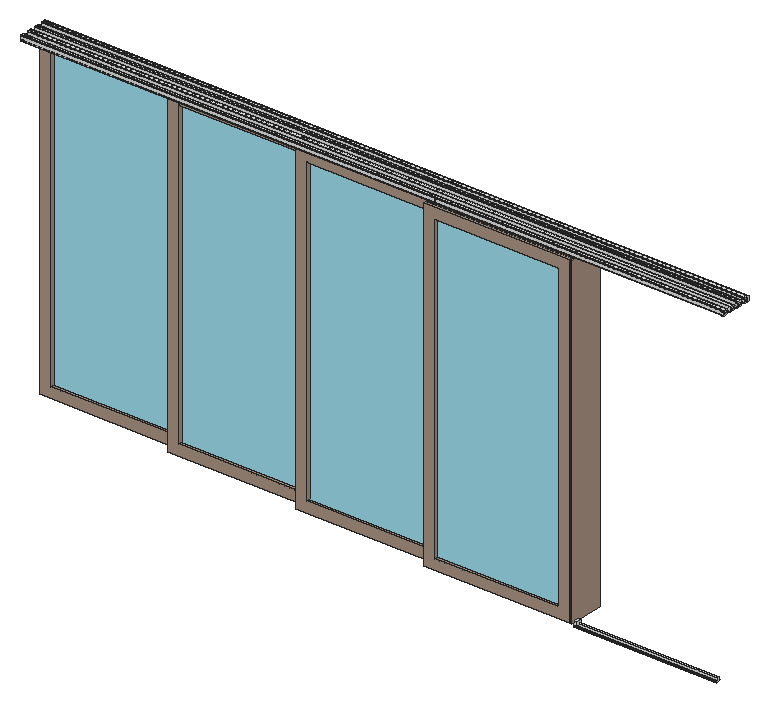
Revit family "Slido 4 Panel Pocket SPW4 XRDLP", category Doors, host Wall, Revit 2016
Family settings
  Host = Wall
  Always vertical = Yes
  Cut with Voids When Loaded = No
  Shared = No
  Room Calculation Point = No
Parameters (values of type "155"x 94 3/8"")
  URL = "www.raydoor.com"
  Type Image = SPW4.jpg
  Thickness = 2 1/4"  # constant formula
  Rough Width = 1"  # constant formula
  Rough Height = Width / 3.7805 + 2"  # 43.00008"
  Model = "SPW4"
  Function = Interior
  Door Material = Door - Panel
  Panel Material = Glass, Cast, Gray
  Height = 94 3/8"
  Trim Projection Ext = 63/64"  # constant formula
  Typ = 3"  # constant formula
  Wall Closure = By host
  Width = 155"
  Assembly Code = "SPW4 XRDLP"
Reference planes (in)
  plane 1: y = 0.00227
  plane 2: z = 0
  plane 3: x = 0
  plane 4: x = -77.5
  plane 5: x = 77.5
  plane 6: z = 94.375
  plane 7: x = 74.5
  plane 8: x = 76
  plane 9: x = -1.5
  plane 10: x = 0
  plane 11: x = 1.5
  plane 12: x = -76
  plane 13: x = -74.5
  plane 14: y = 0.125
  plane 15: y = -2.375
  plane 16: y = 2.375
  plane 17: y = -0.125
  plane 18: x = 120.50009
  plane 19: x = 118.50009
  plane 20: z = 92.375
  plane 21: x = -39.5
  plane 22: x = -38
  plane 23: x = -36.5
  plane 24: x = 36.5
  plane 25: x = 38
  plane 26: x = 39.5
  plane 27: y = 2.625
  plane 28: y = 4.875
  plane 29: y = -4.875
  plane 30: y = -2.625
Forms (in)
  Extrusion 1, solid, material "Door - Panel" <- "Door Material"
    sketch origin (-58, 2.62273, 0.25) x (1, 0, 0) y (0, 0, 1)
      loop
        line (56.5, 92.125) -> (56.5, 0.5) -> (97.5, 0.5) -> (97.5, 92.125) -> (56.5, 92.125)
      loop
        line (59.5, 89.125) -> (59.5, 3.5) -> (94.5, 3.5) -> (94.5, 89.125) -> (59.5, 89.125)
    from 2.74773 to 4.99609
  Extrusion 2, solid, material "Glass, Cast, Gray" <- "Panel Material"
    sketch origin (-57.74997, -27.47932, 0.25) x (1, 0, 0) y (0, 0, 1)
      loop
        line (56.24997, 92.125) -> (56.24997, 1.375) -> (97.24997, 1.375) -> (97.24997, 92.125) -> (56.24997, 92.125)
    from -26.35104 to -26.10268
  Extrusion 3, void
    sketch origin (-58, -9.64385, -90.75) x (1, 0, 0) y (0, 0, 1)
      loop
        line (56.5, 92.375) -> (56.5, 91.5) -> (97.5, 91.5) -> (97.5, 92.375) -> (56.5, 92.375)
    from -8.51557 to -8.26721
  Extrusion 4, solid, material "Door - Panel" <- "Door Material"
    sketch origin (-99, 0.3721, 0.25) x (1, 0, 0) y (0, 0, 1)
      loop
        line (59.5, 92.125) -> (59.5, 0.5) -> (100.5, 0.5) -> (100.5, 92.125) -> (59.5, 92.125)
      loop
        line (62.5, 89.125) -> (62.5, 3.5) -> (97.5, 3.5) -> (97.5, 89.125) -> (62.5, 89.125)
    from -2.00126 to 0.2471
  Extrusion 5, solid, material "Glass, Cast, Gray" <- "Panel Material"
    sketch origin (-98.99995, -4.09164, 0.25) x (1, 0, 0) y (0, 0, 1)
      loop
        line (59.49995, 92.125) -> (59.49995, 1.375) -> (100.5, 1.375) -> (100.5, 92.125) -> (59.49995, 92.125)
    from -5.465 to -5.21664
  Extrusion 6, void
    sketch origin (-99, -11.89221, -90.75) x (1, 0, 0) y (0, 0, 1)
      loop
        line (59.5, 92.375) -> (59.5, 91.5) -> (100.5, 91.5) -> (100.5, 92.375) -> (59.5, 92.375)
    from -13.26557 to -13.01721
  Extrusion 7, solid, material "UHMW, White", detail levels medium+fine
    sketch origin (88.27771, -1.73342, 0.25) x (0, 1, 0) y (0, 0, 1)
      loop
        line (-0.04289, 93.90625) -> (-0.04289, 93.02209) -> (1.00562, 93.02209) -> (1.00562, 93.90625) -> (-0.04289, 93.90625)
    from -89.52771 to -87.02771
  Extrusion 8, solid, material "UHMW, White"
    sketch origin (0, 42.66856, -9.0893) x (0, 1, 0) y (0, 0, 1)
      loop
        line (-41.24093, 103.37055) -> (-41.24093, 103.28596) -> (-41.18165, 103.28596) -> (-41.18165, 103.37055) -> (-41.00777, 103.37055) -> (-41.00777, 103.24091) -> (-40.87341, 103.22916) -> (-40.87341, 102.36784) -> (-40.90503, 102.24985) -> (-41.12237, 102.23084) -> (-41.12237, 102.15084) -> (-40.92446, 102.15084)
        arc (-40.92446, 102.15084) -> (-40.88257, 102.17182) -> (-40.84068, 102.15084) r 0.0523
        arc (-40.84068, 102.15084) -> (-40.81353, 102.16209) -> (-40.80228, 102.18925) r 0.0384
        line (-40.80228, 102.18925) -> (-40.80228, 103.34523) -> (-40.8418, 103.34523)
        arc (-40.8418, 103.34523) -> (-40.907, 103.30759) -> (-40.907, 103.38288) r 0.04347
        line (-40.907, 103.38288) -> (-40.907, 103.4643) -> (-41.93051, 103.4643) -> (-41.93051, 103.38288)
        arc (-41.93051, 103.38288) -> (-41.93051, 103.30759) -> (-41.99571, 103.34523) r 0.04347
        line (-41.99571, 103.34523) -> (-42.03523, 103.34523) -> (-42.03523, 102.18925)
        arc (-42.03523, 102.18925) -> (-42.02398, 102.16209) -> (-41.99683, 102.15084) r 0.0384
        arc (-41.99683, 102.15084) -> (-41.95494, 102.17182) -> (-41.91305, 102.15084) r 0.0523
        line (-41.91305, 102.15084) -> (-41.71514, 102.15084) -> (-41.71514, 102.23084) -> (-41.93248, 102.24985) -> (-41.9641, 102.36784) -> (-41.9641, 103.22916) -> (-41.82974, 103.24091) -> (-41.82974, 103.37055) -> (-41.65586, 103.37055) -> (-41.65586, 103.28596) -> (-41.59658, 103.28596) -> (-41.59658, 103.37055) -> (-41.24093, 103.37055)
    from -77.5 to 120.50009
  Extrusion 9, solid, material "UHMW, White"
    sketch origin (-41.44048, 1.76156, 94.375) x (0, -1, 0) y (1, 0, 0)
      loop
        circle (3.01112, 41.44048) r 0.125
    from -2 to -0.09375
  Extrusion 10, solid, material "UHMW, White"
    sketch origin (0, 40.4202, -9.0893) x (0, 1, 0) y (0, 0, 1)
      loop
        line (-41.49257, 103.37055) -> (-41.49257, 103.28596) -> (-41.43329, 103.28596) -> (-41.43329, 103.37055) -> (-41.25941, 103.37055) -> (-41.25941, 103.24091) -> (-41.12505, 103.22916) -> (-41.12505, 102.36784) -> (-41.15667, 102.24985) -> (-41.37401, 102.23084) -> (-41.37401, 102.15084) -> (-41.1761, 102.15084)
        arc (-41.1761, 102.15084) -> (-41.13421, 102.17182) -> (-41.09232, 102.15084) r 0.0523
        arc (-41.09232, 102.15084) -> (-41.06517, 102.16209) -> (-41.05392, 102.18925) r 0.0384
        line (-41.05392, 102.18925) -> (-41.05392, 103.34523) -> (-41.09344, 103.34523)
        arc (-41.09344, 103.34523) -> (-41.15864, 103.30759) -> (-41.15864, 103.38288) r 0.04347
        line (-41.15864, 103.38288) -> (-41.15864, 103.4643) -> (-42.18215, 103.4643) -> (-42.18215, 103.38288)
        arc (-42.18215, 103.38288) -> (-42.18215, 103.30759) -> (-42.24735, 103.34523) r 0.04347
        line (-42.24735, 103.34523) -> (-42.28687, 103.34523) -> (-42.28687, 102.18925)
        arc (-42.28687, 102.18925) -> (-42.27562, 102.16209) -> (-42.24846, 102.15084) r 0.0384
        arc (-42.24846, 102.15084) -> (-42.20658, 102.17182) -> (-42.16469, 102.15084) r 0.0523
        line (-42.16469, 102.15084) -> (-41.96678, 102.15084) -> (-41.96678, 102.23084) -> (-42.18412, 102.24985) -> (-42.21574, 102.36784) -> (-42.21574, 103.22916) -> (-42.08138, 103.24091) -> (-42.08138, 103.37055) -> (-41.9075, 103.37055) -> (-41.9075, 103.28596) -> (-41.84822, 103.28596) -> (-41.84822, 103.37055) -> (-41.49257, 103.37055)
    from -77.5 to 120.50009
  Extrusion 11, solid, material "UHMW, White"
    sketch origin (-92.86615, -11.0603, 94.375) x (0, -1, 0) y (1, 0, 0)
      loop
        circle (-12.31112, 54.86615) r 0.125
    from -2 to 0
  Extrusion 12, void
    sketch origin (-99, -7.33383, 0.25) x (1, 0, 0) y (0, 0, 1)
      loop
        line (176.5, -0.25) -> (219.50009, -0.25) -> (219.50009, 94.125) -> (176.5, 94.125) -> (176.5, -0.25)
    from -12.58609 to -2.08609
  Extrusion 13, void
    sketch origin (-195.25, -5.58383, 0.25) x (1, 0, 0) y (0, 0, 1)
      loop
        line (117.75, -0.25) -> (272.75, -0.25) -> (272.75, 94.125) -> (117.75, 94.125) -> (117.75, -0.25)
    from -13.83609 to 2.66391
  Extrusion 14, solid, material "Door - Panel" <- "Door Material"
    sketch origin (-99, 2.8721, 0.25) x (1, 0, 0) y (0, 0, 1)
      loop
        line (21.5, 92.125) -> (21.5, 0.5) -> (62.5, 0.5) -> (62.5, 92.125) -> (21.5, 92.125)
      loop
        line (24.5, 89.125) -> (24.5, 3.5) -> (59.5, 3.5) -> (59.5, 89.125) -> (24.5, 89.125)
    from -2.00126 to 0.2471
  Extrusion 15, solid, material "Glass, Cast, Gray" <- "Panel Material"
    sketch origin (-98.99995, -1.59164, 0.25) x (1, 0, 0) y (0, 0, 1)
      loop
        line (21.49995, 92.125) -> (21.49995, 1.375) -> (62.49995, 1.375) -> (62.49995, 92.125) -> (21.49995, 92.125)
    from -5.465 to -5.21664
  Extrusion 16, void
    sketch origin (-99, -9.39221, -90.75) x (1, 0, 0) y (0, 0, 1)
      loop
        line (21.5, 92.375) -> (21.5, 91.5) -> (62.5, 91.5) -> (62.5, 92.375) -> (21.5, 92.375)
    from -13.26557 to -13.01721
  Extrusion 17, solid, material "UHMW, White"
    sketch origin (0, 45.16856, -9.0893) x (0, 1, 0) y (0, 0, 1)
      loop
        line (-41.24093, 103.37055) -> (-41.24093, 103.28596) -> (-41.18165, 103.28596) -> (-41.18165, 103.37055) -> (-41.00777, 103.37055) -> (-41.00777, 103.24091) -> (-40.87341, 103.22916) -> (-40.87341, 102.36784) -> (-40.90503, 102.24985) -> (-41.12237, 102.23084) -> (-41.12237, 102.15084) -> (-40.92446, 102.15084)
        arc (-40.92446, 102.15084) -> (-40.88257, 102.17182) -> (-40.84068, 102.15084) r 0.0523
        arc (-40.84068, 102.15084) -> (-40.81353, 102.16209) -> (-40.80228, 102.18925) r 0.0384
        line (-40.80228, 102.18925) -> (-40.80228, 103.34523) -> (-40.8418, 103.34523)
        arc (-40.8418, 103.34523) -> (-40.907, 103.30759) -> (-40.907, 103.38288) r 0.04347
        line (-40.907, 103.38288) -> (-40.907, 103.4643) -> (-41.93051, 103.4643) -> (-41.93051, 103.38288)
        arc (-41.93051, 103.38288) -> (-41.93051, 103.30759) -> (-41.99571, 103.34523) r 0.04347
        line (-41.99571, 103.34523) -> (-42.03523, 103.34523) -> (-42.03523, 102.18925)
        arc (-42.03523, 102.18925) -> (-42.02398, 102.16209) -> (-41.99683, 102.15084) r 0.0384
        arc (-41.99683, 102.15084) -> (-41.95494, 102.17182) -> (-41.91305, 102.15084) r 0.0523
        line (-41.91305, 102.15084) -> (-41.71514, 102.15084) -> (-41.71514, 102.23084) -> (-41.93248, 102.24985) -> (-41.9641, 102.36784) -> (-41.9641, 103.22916) -> (-41.82974, 103.24091) -> (-41.82974, 103.37055) -> (-41.65586, 103.37055) -> (-41.65586, 103.28596) -> (-41.59658, 103.28596) -> (-41.59658, 103.37055) -> (-41.24093, 103.37055)
    from -77.5 to 120.50009
  Extrusion 18, solid, material "UHMW, White"
    sketch origin (-92.86615, -8.5603, 94.375) x (0, -1, 0) y (1, 0, 0)
      loop
        circle (-12.31112, 16.86615) r 0.125
    from -2 to 0
  Extrusion 19, solid, material "Door - Panel" <- "Door Material"
    sketch origin (-58, 0.12273, 0.25) x (1, 0, 0) y (0, 0, 1)
      loop
        line (94.5, 92.125) -> (94.5, 0.5) -> (135.5, 0.5) -> (135.5, 92.125) -> (94.5, 92.125)
      loop
        line (97.5, 89.125) -> (97.5, 3.5) -> (132.5, 3.5) -> (132.5, 89.125) -> (97.5, 89.125)
    from 2.74773 to 4.99609
  Extrusion 20, solid, material "Glass, Cast, Gray" <- "Panel Material"
    sketch origin (-57.74997, -29.97932, 0.25) x (1, 0, 0) y (0, 0, 1)
      loop
        line (94.24997, 92.125) -> (94.24997, 1.375) -> (135.24998, 1.375) -> (135.24998, 92.125) -> (94.24997, 92.125)
    from -26.35104 to -26.10268
  Extrusion 21, void
    sketch origin (-58, -12.14385, -90.75) x (1, 0, 0) y (0, 0, 1)
      loop
        line (94.5, 92.375) -> (94.5, 91.5) -> (135.5, 91.5) -> (135.5, 92.375) -> (94.5, 92.375)
    from -8.51557 to -8.26721
  Extrusion 22, solid, material "UHMW, White", detail levels medium+fine
    sketch origin (126.27771, -4.23342, 0.25) x (0, 1, 0) y (0, 0, 1)
      loop
        line (-0.04289, 93.90625) -> (-0.04289, 93.02209) -> (1.00562, 93.02209) -> (1.00562, 93.90625) -> (-0.04289, 93.90625)
    from -89.52771 to -87.02771
  Extrusion 23, solid, material "UHMW, White"
    sketch origin (-41.44048, -0.73844, 94.375) x (0, -1, 0) y (1, 0, 0)
      loop
        circle (3.01112, 79.44048) r 0.125
    from -2 to -0.09375
  Extrusion 24, solid, material "UHMW, White"
    sketch origin (0, 37.9202, -9.0893) x (0, 1, 0) y (0, 0, 1)
      loop
        line (-41.49257, 103.37055) -> (-41.49257, 103.28596) -> (-41.43329, 103.28596) -> (-41.43329, 103.37055) -> (-41.25941, 103.37055) -> (-41.25941, 103.24091) -> (-41.12505, 103.22916) -> (-41.12505, 102.36784) -> (-41.15667, 102.24985) -> (-41.37401, 102.23084) -> (-41.37401, 102.15084) -> (-41.1761, 102.15084)
        arc (-41.1761, 102.15084) -> (-41.13421, 102.17182) -> (-41.09232, 102.15084) r 0.0523
        arc (-41.09232, 102.15084) -> (-41.06517, 102.16209) -> (-41.05392, 102.18925) r 0.0384
        line (-41.05392, 102.18925) -> (-41.05392, 103.34523) -> (-41.09344, 103.34523)
        arc (-41.09344, 103.34523) -> (-41.15864, 103.30759) -> (-41.15864, 103.38288) r 0.04347
        line (-41.15864, 103.38288) -> (-41.15864, 103.4643) -> (-42.18215, 103.4643) -> (-42.18215, 103.38288)
        arc (-42.18215, 103.38288) -> (-42.18215, 103.30759) -> (-42.24735, 103.34523) r 0.04347
        line (-42.24735, 103.34523) -> (-42.28687, 103.34523) -> (-42.28687, 102.18925)
        arc (-42.28687, 102.18925) -> (-42.27562, 102.16209) -> (-42.24846, 102.15084) r 0.0384
        arc (-42.24846, 102.15084) -> (-42.20658, 102.17182) -> (-42.16469, 102.15084) r 0.0523
        line (-42.16469, 102.15084) -> (-41.96678, 102.15084) -> (-41.96678, 102.23084) -> (-42.18412, 102.24985) -> (-42.21574, 102.36784) -> (-42.21574, 103.22916) -> (-42.08138, 103.24091) -> (-42.08138, 103.37055) -> (-41.9075, 103.37055) -> (-41.9075, 103.28596) -> (-41.84822, 103.28596) -> (-41.84822, 103.37055) -> (-41.49257, 103.37055)
    from -77.5 to 120.50009
  Extrusion 25, solid, material "UHMW, White", detail levels medium+fine
    sketch origin (128.77771, -4.23342, 0.25) x (0, 1, 0) y (0, 0, 1)
      loop
        line (1.16764, -0.25) -> (1.16764, -0.0625) -> (0.60514, -0.0625) -> (0.60514, 0.75) -> (0.41764, 0.75) -> (0.41764, -0.0625) -> (-0.14486, -0.0625) -> (-0.14486, -0.25) -> (1.16764, -0.25)
    from -50.5277 to -10.27762
  Extrusion 26, solid, material "Door - Panel" <- "Door Material"
    sketch origin (0, -2.5, 0) x (1, 0, 0) y (0, 1, 0)
      loop
        line (77.5, -2.375) -> (78.25, -2.375) -> (78.25, 7.375) -> (77.5, 7.375) -> (77.5, -2.375)
    from 0.75 to 92.375
  Extrusion 27, solid, material "UHMW, White", detail levels medium+fine
    sketch origin (129.52771, -4.23342, 0.25) x (0, 1, 0) y (0, 0, 1)
      loop
        line (1.16764, 1.25) -> (-0.14486, 1.25) -> (-0.14486, 0.25) -> (0.41764, 0.25) -> (0.41764, 0.75) -> (0.60514, 0.75) -> (0.60514, 0.25) -> (1.16764, 0.25) -> (1.16764, 1.25)
    from -51.2777 to -50.2777
Cuts and joins
  Extrusion 3, Extrusion 21 cuts Extrusion 1
  Extrusion 3, Extrusion 21 cuts Extrusion 2
  Extrusion 6, Extrusion 16 cuts Extrusion 4
  Extrusion 6, Extrusion 16 cuts Extrusion 5
  Extrusion 16 cuts Extrusion 14
  Extrusion 16 cuts Extrusion 15
  Extrusion 21 cuts Extrusion 19
  Extrusion 21 cuts Extrusion 20
  Extrusion 21 cuts Extrusion 25
  Extrusion 21 cuts Extrusion 26
Lines and regions (in)
  Masking region 1
    outline origin (-7.24693, 27.04592, 0) x (1, 0, 0) y (0, 1, 0)
      loop
        line (125.74702, -29.42092) -> (125.74702, -27.17092) -> (84.74693, -27.17092) -> (84.74693, -29.42092) -> (125.74702, -29.42092)
  Masking region 2
    outline origin (-7.24693, 29.28975, 0) x (1, 0, 0) y (0, 1, 0)
      loop
        line (125.74702, -29.16475) -> (125.74702, -26.91475) -> (84.74693, -26.91475) -> (84.74693, -29.16475) -> (125.74702, -29.16475)
  Masking region 3
    outline origin (-7.24693, 31.78975, 0) x (1, 0, 0) y (0, 1, 0)
      loop
        line (125.74702, -29.16475) -> (125.74702, -26.91475) -> (84.74693, -26.91475) -> (84.74693, -29.16475) -> (125.74702, -29.16475)
  Masking region 4
    outline origin (-7.24693, 24.54592, 0) x (1, 0, 0) y (0, 1, 0)
      loop
        line (126.49702, -29.42092) -> (126.49702, -28.9242) -> (127.49702, -28.9242) -> (127.49702, -27.6117) -> (126.49702, -27.6117) -> (126.49702, -19.67092) -> (125.74702, -19.67092) -> (125.74702, -27.17092) -> (84.74693, -27.17092) -> (84.74693, -29.42092) -> (126.49702, -29.42092)
  symbolic lines, style "Elevation Swing"
    curve 1: line (-18.76147, 0, 37.98833) -> (18, 0, 37.98833)
    curve 2: line (18.02215, 0, 32.79755) -> (-18, 0, 32.79755)
    curve 3: line (-18.76147, 0, 37.98833) -> (-13.56531, 0, 40.98833)
    curve 4: line (12.82599, 0, 29.79755) -> (18.02215, 0, 32.79755)
  model lines
    curve 5: line (-77.5, 8.25227, 0) -> (77.5, 8.25227, 0)
  symbolic lines, style "Plan Swing"
    curve 6: line (12.3551, -19.80138, 0) -> (-12.3949, -19.80138, 0)
    curve 7: line (-12.3949, -19.80138, 0) -> (-10.27358, -17.68006, 0)
    curve 8: line (12.3949, -21.32036, 0) -> (-12.3949, -21.32036, 0)
    curve 9: line (10.27358, -23.44168, 0) -> (12.3949, -21.32036, 0)
  symbolic lines, style "Plan Swing", detail levels medium+fine
    curve 10: line (119.25009, -4.875, 0) -> (119.25009, 4.875, 0)
    curve 11: line (118.50009, -4.875, 0) -> (118.50009, -0.125, 0)
Dimensions and locks (in)
  equal spacing: plane 4, plane 3, plane 5
  "Width": plane 4 to plane 5
  "Height": plane 6 to plane 2
  equal spacing: plane 7, plane 8, plane 5, locked at 1.5 each
  "Typ": plane 7 to plane 5
  equal spacing: plane 9, plane 10, plane 11, locked at 1.5 each
  "Typ": plane 9 to plane 11
  equal spacing: plane 12, plane 22, plane 10, plane 25, plane 8
  "Typ": Extrusion 1 sketch curve to Extrusion 1 sketch curve  (x2)
  locked: Extrusion 2 to Extrusion 2 at 0.24836
  locked: Extrusion 2 sketch curve to Extrusion 1 at 0.875
  locked: Extrusion 3 to Extrusion 3 at 0.24836
  "Typ": Extrusion 4 sketch curve to Extrusion 4 sketch curve  (x2)
  locked: Extrusion 5 to Extrusion 5 at 0.24836
  locked: Extrusion 4 to Extrusion 5 at 1
  locked: Extrusion 5 sketch curve to Extrusion 4 at 0.875
  locked: Extrusion 6 to Extrusion 6 at 0.24836
  locked: plane 14 to plane 17 at 0.25
  "Typ": plane 4 to plane 13
  "Thickness": plane 16 to plane 14
  "Thickness": plane 17 to plane 15
  equal spacing: plane 4, plane 12, plane 13, locked at 1.5 each
  locked: Extrusion 7 to Extrusion 7 at 2.5
  locked: cut or joined group of Extrusion 2, Extrusion 3, Extrusion 21 to plane 15 at 0.99836
  locked: plane 16 to Extrusion 11 sketch curve at 1.24918
  locked: Extrusion 9 sketch curve to plane 15 at 1.00044
  "Rough Height": plane 5 to plane 18
  equal spacing: Extrusion 12, plane 1, Extrusion 12
  locked: plane 19 to plane 18 at 2
  locked: Extrusion 9 sketch curve to plane 11 at 1.375
  locked: plane 21 to Extrusion 11 sketch curve at 1.625
  plane 6 to plane 20 = 2"
  equal spacing: plane 21, plane 22, plane 23, locked at 1.5 each
  "Typ": plane 21 to plane 23
  equal spacing: plane 24, plane 25, plane 26, locked at 1.5 each
  "Typ": plane 24 to plane 26
  "Typ": Extrusion 14 sketch curve to Extrusion 14 sketch curve  (x2)
  locked: Extrusion 15 to Extrusion 15 at 0.24836
  locked: Extrusion 14 to Extrusion 15 at 1
  locked: Extrusion 15 sketch curve to Extrusion 14 at 0.875
  locked: Extrusion 16 to Extrusion 16 at 0.24836
  locked: plane 28 to Extrusion 18 sketch curve at 1.24918
  "Typ": Extrusion 19 sketch curve to Extrusion 19 sketch curve  (x2)
  locked: Extrusion 20 to Extrusion 20 at 0.24836
  locked: Extrusion 20 sketch curve to Extrusion 19 at 0.875
  locked: Extrusion 21 to Extrusion 21 at 0.24836
  locked: plane 15 to plane 30 at 0.25
  "Thickness": plane 30 to plane 29
  locked: Extrusion 22 to Extrusion 22 at 2.5
  locked: Extrusion 23 sketch curve to plane 29 at 1.00044
  Extrusion 25 sketch curve to Extrusion 25 sketch curve = 3/16"
  locked: Extrusion 25 sketch curve to Extrusion 25 sketch curve at 0.5625  (x2)
  locked: Extrusion 25 sketch curve to Extrusion 25 sketch curve at 0.1875
  locked: Extrusion 27 sketch curve to Extrusion 27 sketch curve at 1
  locked: Extrusion 27 sketch curve to Extrusion 27 sketch curve at 0.5625  (x2)
  locked: Extrusion 27 sketch curve to Extrusion 27 sketch curve at 0.1875
  locked: Extrusion 26 to Extrusion 27 at 1
  locked: cut or joined group of Extrusion 20, Extrusion 21 to plane 29 at 0.99836
  locked: Extrusion 23 sketch curve to plane 26 at 1.375
  locked: plane 24 to Extrusion 22 at 0.25
  locked: plane 5 to cut or joined group of Extrusion 21, Extrusion 26 at 0.75
  plane 20 to plane 6 = 2"
  Extrusion 24 to plane 6 = 1.31346"
  plane 28 to plane 27 = 2 1/4"
  plane 16 to plane 14 = 2 1/4"
  plane 17 to plane 15 = 2 1/4"
  plane 30 to plane 29 = 2 1/4"
  plane 15 to plane 30 = 1/4"
  plane 14 to plane 17 = 1/4"
  plane 27 to plane 16 = 1/4"
  plane 28 to plane 29 = 9 3/4"
  Extrusion 17 to Extrusion 17 = 1.23295"
  Extrusion 8 to Extrusion 8 = 1.23295"
  Extrusion 10 to Extrusion 10 = 1.23295"
  Extrusion 24 to Extrusion 24 = 1.23295"
  cut or joined group of Extrusion 19, Extrusion 21 to level = 3/4"
  diameter of Extrusion 9 sketch curve = 1/4"
  diameter of Extrusion 11 sketch curve = 1/4"
  diameter of Extrusion 18 sketch curve = 1/4"
  diameter of Extrusion 23 sketch curve = 1/4"
  aligned and locked: plane 5 to curve 5
  aligned and locked: Extrusion 1 to Extrusion 2
  aligned and locked: Extrusion 1 to Extrusion 3  (x2)
  aligned and locked: Extrusion 4 to Extrusion 5
  aligned and locked: Extrusion 4 to Extrusion 6
  aligned and locked: plane 16 to Masking region 2
  aligned and locked: Masking region 2 to plane 14
  aligned and locked: Extrusion 9 to Extrusion 8
  aligned and locked: plane 4 to Extrusion 10
  aligned and locked: plane 4 to Extrusion 8
  aligned and locked: plane 17 to Masking region 1
  aligned and locked: Masking region 1 to plane 15
  aligned and locked: Extrusion 12 sketch curve to plane 6
  aligned and locked: Extrusion 12 to plane 18
  aligned and locked: plane 4 to Extrusion 13
  aligned and locked: host wall to Extrusion 13  (x2)
  aligned and locked: Extrusion 13 to plane 5
  aligned and locked: plane 5 to Extrusion 12
  aligned and locked: Extrusion 13 to level
  aligned and locked: Extrusion 12 sketch curve to level
  aligned and locked: plane 5 to Masking region 1
  aligned and locked: plane 5 to Masking region 2
  aligned and locked: Masking region 2 to plane 19
  aligned and locked: plane 9 to cut or joined group of Extrusion 4, Extrusion 6, Extrusion 16
  aligned and locked: plane 9 to cut or joined group of Extrusion 1, Extrusion 3, Extrusion 21
  aligned and locked: plane 9 to cut or joined group of Extrusion 2, Extrusion 3, Extrusion 21
  aligned and locked: Extrusion 10 to plane 18
  aligned and locked: Extrusion 8 to plane 18
  aligned and locked: cut or joined group of Extrusion 4, Extrusion 6, Extrusion 16 to plane 20
  aligned and locked: cut or joined group of Extrusion 1, Extrusion 3, Extrusion 21 to plane 20
  aligned and locked: Extrusion 14 to Extrusion 15
  aligned and locked: Extrusion 14 to Extrusion 16  (x2)
  aligned and locked: plane 28 to Masking region 3
  aligned and locked: Masking region 3 to plane 27
  aligned and locked: Extrusion 6 to cut or joined group of Extrusion 5, Extrusion 6, Extrusion 16
  aligned and locked: cut or joined group of Extrusion 4, Extrusion 6, Extrusion 16 to cut or joined group of Extrusion 5, Extrusion 6, Extrusion 16
  aligned and locked: plane 4 to cut or joined group of Extrusion 15, Extrusion 16
  aligned and locked: plane 4 to cut or joined group of Extrusion 14, Extrusion 16
  aligned and locked: cut or joined group of Extrusion 14, Extrusion 16 to plane 13
  aligned and locked: cut or joined group of Extrusion 4, Extrusion 6, Extrusion 16 to plane 23
  aligned and locked: plane 21 to cut or joined group of Extrusion 4, Extrusion 6, Extrusion 16
  aligned and locked: Extrusion 16 to cut or joined group of Extrusion 15, Extrusion 16
  aligned and locked: plane 21 to cut or joined group of Extrusion 14, Extrusion 16
  aligned and locked: cut or joined group of Extrusion 14, Extrusion 16 to plane 23
  aligned and locked: cut or joined group of Extrusion 15, Extrusion 16 to plane 23
  aligned and locked: Extrusion 19 to Extrusion 20
  aligned and locked: Extrusion 19 to Extrusion 21  (x2)
  aligned and locked: plane 30 to Masking region 4
  aligned and locked: Masking region 4 to plane 29
  aligned and locked: Extrusion 25 sketch curve to Extrusion 25 sketch curve
  aligned and locked: Extrusion 26 sketch curve to plane 29
  aligned and locked: Extrusion 27 to Extrusion 26
  aligned and locked: Extrusion 27 to Masking region 4 sketch curve
  aligned and locked: Masking region 4 sketch curve to Masking region 4 sketch curve
  aligned and locked: Masking region 4 sketch curve to Extrusion 27
  aligned and locked: plane 28 to Masking region 4
  aligned and locked: plane 28 to cut or joined group of Extrusion 21, Extrusion 26
  aligned and locked: Extrusion 3 to cut or joined group of Extrusion 2, Extrusion 3, Extrusion 21
  aligned and locked: plane 24 to cut or joined group of Extrusion 1, Extrusion 3, Extrusion 21
  aligned and locked: cut or joined group of Extrusion 1, Extrusion 3, Extrusion 21 to plane 26
  aligned and locked: cut or joined group of Extrusion 2, Extrusion 3, Extrusion 21 to plane 26
  aligned and locked: cut or joined group of Extrusion 19, Extrusion 21 to plane 26
  aligned and locked: plane 24 to cut or joined group of Extrusion 19, Extrusion 21
  aligned and locked: plane 24 to cut or joined group of Extrusion 20, Extrusion 21
  aligned and locked: Extrusion 24 to plane 18
  aligned and locked: Extrusion 17 to plane 18
  aligned and locked: Masking region 1 to plane 19
  aligned and locked: plane 5 to cut or joined group of Extrusion 21, Extrusion 26
  aligned and locked: plane 4 to Extrusion 24
  aligned and locked: plane 4 to Extrusion 17
  aligned and locked: cut or joined group of Extrusion 21, Extrusion 25 to plane 19
  aligned and locked: cut or joined group of Extrusion 21, Extrusion 25 to cut or joined group of Extrusion 21, Extrusion 26
  aligned and locked: cut or joined group of Extrusion 21, Extrusion 26 to plane 20
  aligned and locked: plane 20 to Extrusion 18
  aligned and locked: plane 20 to Extrusion 11
  aligned and locked: plane 20 to Extrusion 9
  aligned and locked: plane 20 to Extrusion 23
  aligned and locked: cut or joined group of Extrusion 21, Extrusion 26 to cut or joined group of Extrusion 1, Extrusion 3, Extrusion 21
  aligned and locked: cut or joined group of Extrusion 21, Extrusion 26 to cut or joined group of Extrusion 4, Extrusion 6, Extrusion 16
  aligned and locked: cut or joined group of Extrusion 14, Extrusion 16 to cut or joined group of Extrusion 4, Extrusion 6, Extrusion 16
Automatic sketch dimensions
  plane 9 to curve 3 = 17.26147"
  level to curve 3 = 37.98833"
  curve 1 to curve 4 = 5.19077"
  curve 4 to plane 11 = 16.52215"
  plane 9 to curve 3 = 12.06532"
  curve 3 to curve 1 = 3"
  curve 4 to plane 11 = 11.32599"
  curve 2 to curve 4 = 3"
  curve 1 to curve 2 = 0.76147"
  curve 1 to curve 2 = 0.02215"
  curve 11 to plane 19 = 0"
  curve 10 to plane 28 = 0"
  curve 10 to plane 29 = 0"
  curve 11 to plane 29 = 0"
  curve 11 to plane 17 = 0"
  curve 8 to plane 11 = 10.8949"
  plane 9 to curve 7 = 10.8949"
  host wall to curve 6 = 11.55364"
  curve 9 to curve 6 = 1.51898"
  curve 6 to curve 8 = 0.0398"
  curve 9 to curve 8 = 2.12132"  (x2)
  curve 6 to curve 7 = 2.12132"  (x2)
  curve 8 to curve 6 = 0"
  curve 10 to plane 19 = 3/4"
  curve 5 to level = 0"
  plane 4 to curve 5 = 0"
  Masking region 1 sketch curve to plane 5 = 0"
  Masking region 1 sketch curve to plane 17 = 0"
  Masking region 1 sketch curve to plane 19 = 0"
  Masking region 1 sketch curve to plane 15 = 0"
  Masking region 2 sketch curve to plane 5 = 0"
  Masking region 2 sketch curve to plane 16 = 0"
  Masking region 2 sketch curve to plane 19 = 0"
  Masking region 2 sketch curve to plane 14 = 0"
  plane 9 to Extrusion 1 sketch curve = 0"
  plane 24 to Extrusion 1 sketch curve = 0"
  Extrusion 1 sketch curve to plane 20 = 0"
  plane 26 to Extrusion 1 sketch curve = 0"
  plane 11 to Extrusion 1 sketch curve = 0"
  level to Extrusion 1 sketch curve = 3 3/4"
  plane 9 to Extrusion 2 sketch curve = 0"
  plane 26 to Extrusion 2 sketch curve = 0"
  Extrusion 2 sketch curve to plane 20 = 0"
  plane 9 to Extrusion 3 sketch curve = 0"
  plane 26 to Extrusion 3 sketch curve = 0"
  level to Extrusion 3 sketch curve = 3/4"
  Extrusion 3 sketch curve to Extrusion 3 sketch curve = 7/8"
  plane 21 to Extrusion 4 sketch curve = 0"
  plane 23 to Extrusion 4 sketch curve = 0"
  plane 9 to Extrusion 4 sketch curve = 0"
  Extrusion 4 sketch curve to plane 20 = 0"
  Extrusion 4 sketch curve to plane 11 = 0"
  level to Extrusion 4 sketch curve = 3 3/4"
  plane 21 to Extrusion 5 sketch curve = 0"
  Extrusion 5 sketch curve to plane 20 = 0"
  Extrusion 5 sketch curve to plane 11 = 0.00005"
  plane 21 to Extrusion 6 sketch curve = 0"
  plane 11 to Extrusion 6 sketch curve = 0"
  level to Extrusion 6 sketch curve = 3/4"
  Extrusion 6 sketch curve to Extrusion 6 sketch curve = 7/8"
  plane 15 to Extrusion 7 sketch curve = 0.59869"
  Extrusion 7 sketch curve to plane 17 = 0.6028"
  Extrusion 7 sketch curve to plane 20 = 0.89709"
  plane 6 to Extrusion 7 sketch curve = 7/32"
  plane 6 to Extrusion 8 sketch curve = 0"
  plane 6 to Extrusion 8 sketch curve = 0.11907"  (x2)
  plane 14 to Extrusion 8 sketch curve = 0.50834"
  Extrusion 8 sketch curve to Extrusion 8 sketch curve = 0.0384"  (x2)
  Extrusion 8 sketch curve to Extrusion 8 sketch curve = 0.03952"
  Extrusion 8 sketch curve to Extrusion 8 sketch curve = 0.03273"
  Extrusion 8 sketch curve to Extrusion 8 sketch curve = 0.04189"  (x4)
  Extrusion 8 sketch curve to Extrusion 8 sketch curve = 0.04347"  (x2)
  Extrusion 8 sketch curve to Extrusion 8 sketch curve = 0.06434"
  Extrusion 8 sketch curve to Extrusion 8 sketch curve = 0.02173"  (x2)
  Extrusion 8 sketch curve to Extrusion 8 sketch curve = 0.13436"
  Extrusion 8 sketch curve to Extrusion 8 sketch curve = 0.19792"  (x2)
  Extrusion 8 sketch curve to Extrusion 8 sketch curve = 0.17388"  (x2)
  Extrusion 8 sketch curve to Extrusion 8 sketch curve = 0.05928"  (x2)
  plane 6 to Extrusion 8 sketch curve = 3/32"  (x2)
  Extrusion 8 sketch curve to Extrusion 8 sketch curve = 0.35566"
  Extrusion 8 sketch curve to Extrusion 8 sketch curve = 0.59276"
  plane 6 to Extrusion 8 sketch curve = 0.22339"
  Extrusion 8 sketch curve to Extrusion 8 sketch curve = 0.10077"
  Extrusion 8 sketch curve to Extrusion 8 sketch curve = 0.01943"
  Extrusion 8 sketch curve to Extrusion 8 sketch curve = 0.03161"
  Extrusion 8 sketch curve to Extrusion 8 sketch curve = 0.11608"
  Extrusion 8 sketch curve to Extrusion 8 sketch curve = 0.01175"  (x2)
  Extrusion 8 sketch curve to Extrusion 8 sketch curve = 0.86132"  (x2)
  Extrusion 8 sketch curve to Extrusion 8 sketch curve = 0.11799"  (x2)
  Extrusion 8 sketch curve to Extrusion 8 sketch curve = 0.01902"  (x2)
  Extrusion 8 sketch curve to Extrusion 8 sketch curve = 0.06061"  (x2)
  Extrusion 8 sketch curve to Extrusion 8 sketch curve = 0.03133"  (x2)
  Extrusion 8 sketch curve to Extrusion 8 sketch curve = 0.0846"  (x2)
  Extrusion 8 sketch curve to Extrusion 8 sketch curve = 0"
  plane 6 to Extrusion 10 sketch curve = 0"
  plane 6 to Extrusion 10 sketch curve = 0.11907"  (x2)
  plane 15 to Extrusion 10 sketch curve = 0.50834"
  Extrusion 10 sketch curve to Extrusion 10 sketch curve = 0.0384"  (x2)
  Extrusion 10 sketch curve to Extrusion 10 sketch curve = 0.03952"
  Extrusion 10 sketch curve to Extrusion 10 sketch curve = 0.03273"
  Extrusion 10 sketch curve to Extrusion 10 sketch curve = 0.04189"  (x4)
  Extrusion 10 sketch curve to Extrusion 10 sketch curve = 0.04347"  (x2)
  Extrusion 10 sketch curve to Extrusion 10 sketch curve = 0.06434"
  Extrusion 10 sketch curve to Extrusion 10 sketch curve = 0.02173"  (x2)
  Extrusion 10 sketch curve to Extrusion 10 sketch curve = 0.13436"
  Extrusion 10 sketch curve to Extrusion 10 sketch curve = 0.19792"  (x2)
  Extrusion 10 sketch curve to Extrusion 10 sketch curve = 0.17388"  (x2)
  Extrusion 10 sketch curve to Extrusion 10 sketch curve = 0.05928"  (x2)
  plane 6 to Extrusion 10 sketch curve = 3/32"  (x2)
  Extrusion 10 sketch curve to Extrusion 10 sketch curve = 0.35566"
  Extrusion 10 sketch curve to Extrusion 10 sketch curve = 0.59276"
  plane 6 to Extrusion 10 sketch curve = 0.22339"
  Extrusion 10 sketch curve to Extrusion 10 sketch curve = 0.10077"
  Extrusion 10 sketch curve to Extrusion 10 sketch curve = 0.01943"
  Extrusion 10 sketch curve to Extrusion 10 sketch curve = 0.03161"
  Extrusion 10 sketch curve to Extrusion 10 sketch curve = 0.11608"
  Extrusion 10 sketch curve to Extrusion 10 sketch curve = 0.01175"  (x2)
  Extrusion 10 sketch curve to Extrusion 10 sketch curve = 0.86132"  (x2)
  Extrusion 10 sketch curve to Extrusion 10 sketch curve = 0.11799"  (x2)
  Extrusion 10 sketch curve to Extrusion 10 sketch curve = 0.01902"  (x2)
  Extrusion 10 sketch curve to Extrusion 10 sketch curve = 0.06061"  (x2)
  Extrusion 10 sketch curve to Extrusion 10 sketch curve = 0.03133"  (x2)
  Extrusion 10 sketch curve to Extrusion 10 sketch curve = 0.0846"  (x2)
  Extrusion 10 sketch curve to Extrusion 10 sketch curve = 0"
  plane 5 to Extrusion 12 sketch curve = 0"
  plane 18 to Extrusion 12 sketch curve = 0"
  plane 4 to Extrusion 13 sketch curve = 0"
  plane 5 to Extrusion 13 sketch curve = 0"
  Extrusion 13 sketch curve to level = 0"
  Extrusion 13 sketch curve to plane 6 = 0"
  Masking region 3 sketch curve to plane 5 = 0"
  Masking region 3 sketch curve to plane 19 = 0"
  Masking region 3 sketch curve to plane 27 = 0"
  Masking region 3 sketch curve to plane 28 = 0"
  plane 4 to Extrusion 14 sketch curve = 0"
  plane 13 to Extrusion 14 sketch curve = 0"
  plane 21 to Extrusion 14 sketch curve = 0"
  Extrusion 14 sketch curve to plane 20 = 0"
  plane 23 to Extrusion 14 sketch curve = 0"
  level to Extrusion 14 sketch curve = 3 3/4"
  plane 4 to Extrusion 15 sketch curve = 0"
  plane 23 to Extrusion 15 sketch curve = 0"
  Extrusion 15 sketch curve to plane 20 = 0"
  plane 4 to Extrusion 16 sketch curve = 0"
  plane 23 to Extrusion 16 sketch curve = 0"
  level to Extrusion 16 sketch curve = 3/4"
  Extrusion 16 sketch curve to Extrusion 16 sketch curve = 7/8"
  plane 6 to Extrusion 17 sketch curve = 0"
  plane 6 to Extrusion 17 sketch curve = 0.11907"  (x2)
  plane 27 to Extrusion 17 sketch curve = 0.50834"
  Extrusion 17 sketch curve to Extrusion 17 sketch curve = 0.0384"  (x2)
  Extrusion 17 sketch curve to Extrusion 17 sketch curve = 0.03952"
  Extrusion 17 sketch curve to Extrusion 17 sketch curve = 0.03273"
  Extrusion 17 sketch curve to Extrusion 17 sketch curve = 0.04189"  (x4)
  Extrusion 17 sketch curve to Extrusion 17 sketch curve = 0.04347"  (x2)
  Extrusion 17 sketch curve to Extrusion 17 sketch curve = 0.06434"
  Extrusion 17 sketch curve to Extrusion 17 sketch curve = 0.02173"  (x2)
  Extrusion 17 sketch curve to Extrusion 17 sketch curve = 0.13436"
  Extrusion 17 sketch curve to Extrusion 17 sketch curve = 0.19792"  (x2)
  Extrusion 17 sketch curve to Extrusion 17 sketch curve = 0.17388"  (x2)
  Extrusion 17 sketch curve to Extrusion 17 sketch curve = 0.05928"  (x2)
  plane 6 to Extrusion 17 sketch curve = 3/32"  (x2)
  Extrusion 17 sketch curve to Extrusion 17 sketch curve = 0.35566"
  Extrusion 17 sketch curve to Extrusion 17 sketch curve = 0.59276"
  plane 6 to Extrusion 17 sketch curve = 0.22339"
  Extrusion 17 sketch curve to Extrusion 17 sketch curve = 0.10077"
  Extrusion 17 sketch curve to Extrusion 17 sketch curve = 0.01943"
  Extrusion 17 sketch curve to Extrusion 17 sketch curve = 0.03161"
  Extrusion 17 sketch curve to Extrusion 17 sketch curve = 0.11608"
  Extrusion 17 sketch curve to Extrusion 17 sketch curve = 0.01175"  (x2)
  Extrusion 17 sketch curve to Extrusion 17 sketch curve = 0.86132"  (x2)
  Extrusion 17 sketch curve to Extrusion 17 sketch curve = 0.11799"  (x2)
  Extrusion 17 sketch curve to Extrusion 17 sketch curve = 0.01902"  (x2)
  Extrusion 17 sketch curve to Extrusion 17 sketch curve = 0.06061"  (x2)
  Extrusion 17 sketch curve to Extrusion 17 sketch curve = 0.03133"  (x2)
  Extrusion 17 sketch curve to Extrusion 17 sketch curve = 0.0846"  (x2)
  Extrusion 17 sketch curve to Extrusion 17 sketch curve = 0"
  Extrusion 17 to Extrusion 18 sketch curve = 1 1/2"
  Masking region 4 sketch curve to plane 5 = 0"
  Masking region 4 sketch curve to plane 19 = 0"
  Masking region 4 sketch curve to plane 28 = 0"
  Masking region 4 sketch curve to plane 29 = 0"
  Masking region 4 sketch curve to plane 30 = 0"
  Masking region 4 sketch curve to plane 19 = 3/4"
  plane 18 to Masking region 4 sketch curve = 1/4"
  plane 24 to Extrusion 19 sketch curve = 0"
  plane 26 to Extrusion 19 sketch curve = 0"
  plane 7 to Extrusion 19 sketch curve = 0"
  plane 5 to Extrusion 19 sketch curve = 0"
  Extrusion 19 sketch curve to plane 20 = 0"
  level to Extrusion 19 sketch curve = 3 3/4"
  plane 24 to Extrusion 20 sketch curve = 0"
  Extrusion 20 sketch curve to plane 20 = 0"
  Extrusion 20 sketch curve to plane 5 = 0"
  plane 24 to Extrusion 21 sketch curve = 0"
  plane 5 to Extrusion 21 sketch curve = 0"
  level to Extrusion 21 sketch curve = 3/4"
  Extrusion 21 sketch curve to Extrusion 21 sketch curve = 7/8"
  plane 29 to Extrusion 22 sketch curve = 0.59869"
  Extrusion 22 sketch curve to plane 30 = 0.6028"
  Extrusion 22 sketch curve to plane 20 = 0.89709"
  plane 6 to Extrusion 22 sketch curve = 7/32"
  plane 6 to Extrusion 24 sketch curve = 0"
  plane 6 to Extrusion 24 sketch curve = 0.11907"  (x2)
  plane 29 to Extrusion 24 sketch curve = 0.50834"
  Extrusion 24 sketch curve to Extrusion 24 sketch curve = 0.0384"  (x2)
  Extrusion 24 sketch curve to Extrusion 24 sketch curve = 0.03952"
  Extrusion 24 sketch curve to Extrusion 24 sketch curve = 0.03273"
  Extrusion 24 sketch curve to Extrusion 24 sketch curve = 0.04189"  (x4)
  Extrusion 24 sketch curve to Extrusion 24 sketch curve = 0.04347"  (x2)
  Extrusion 24 sketch curve to Extrusion 24 sketch curve = 0.06434"
  Extrusion 24 sketch curve to Extrusion 24 sketch curve = 0.02173"  (x2)
  Extrusion 24 sketch curve to Extrusion 24 sketch curve = 0.13436"
  Extrusion 24 sketch curve to Extrusion 24 sketch curve = 0.19792"  (x2)
  Extrusion 24 sketch curve to Extrusion 24 sketch curve = 0.17388"  (x2)
  Extrusion 24 sketch curve to Extrusion 24 sketch curve = 0.05928"  (x2)
  plane 6 to Extrusion 24 sketch curve = 3/32"  (x2)
  Extrusion 24 sketch curve to Extrusion 24 sketch curve = 0.35566"
  Extrusion 24 sketch curve to Extrusion 24 sketch curve = 0.59276"
  plane 6 to Extrusion 24 sketch curve = 0.22339"
  Extrusion 24 sketch curve to Extrusion 24 sketch curve = 0.10077"
  Extrusion 24 sketch curve to Extrusion 24 sketch curve = 0.01943"
  Extrusion 24 sketch curve to Extrusion 24 sketch curve = 0.03161"
  Extrusion 24 sketch curve to Extrusion 24 sketch curve = 0.11608"
  Extrusion 24 sketch curve to Extrusion 24 sketch curve = 0.01175"  (x2)
  Extrusion 24 sketch curve to Extrusion 24 sketch curve = 0.86132"  (x2)
  Extrusion 24 sketch curve to Extrusion 24 sketch curve = 0.11799"  (x2)
  Extrusion 24 sketch curve to Extrusion 24 sketch curve = 0.01902"  (x2)
  Extrusion 24 sketch curve to Extrusion 24 sketch curve = 0.06061"  (x2)
  Extrusion 24 sketch curve to Extrusion 24 sketch curve = 0.03133"  (x2)
  Extrusion 24 sketch curve to Extrusion 24 sketch curve = 0.0846"  (x2)
  Extrusion 24 sketch curve to Extrusion 24 sketch curve = 0"
  Extrusion 25 sketch curve to level = 0"
  plane 29 to Extrusion 25 sketch curve = 0.49672"
  Extrusion 25 sketch curve to Extrusion 25 sketch curve = 13/16"
  Extrusion 26 sketch curve to plane 5 = 0"
  Extrusion 26 sketch curve to plane 28 = 0"
  Extrusion 26 sketch curve to Extrusion 26 sketch curve = 3/4"
  plane 29 to Extrusion 27 sketch curve = 0.49672"
  level to Extrusion 27 sketch curve = 1/2"  (x2)
  Extrusion 27 sketch curve to Extrusion 27 sketch curve = 1/2"
